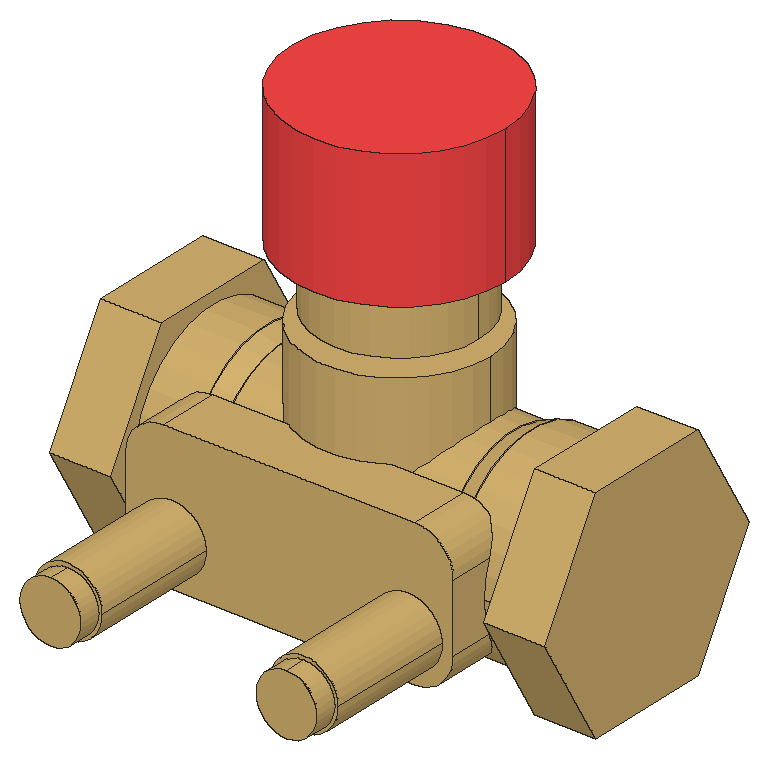
Revit family "ASV-I_DN15-DN40_Internal_RFA", category Pipe Accessories, Revit 2019
Family settings
  Round Connector Dimension = Use Diameter
  Part Type = Valve - Breaks Into
  Work Plane-Based = No
  Always vertical = Yes
  Cut with Voids When Loaded = No
  Shared = No
Parameters (values of type "ASV-I_DN15_Internal_003L7641")
  ang2D [instance] = 0.00°
  Z1__ve = -Z1  # -22 mm
  Z1 = 22 mm
  YP = 18 mm
  W_TP = 35 mm
  W2D = 15 mm
  Valve Body Material = Danfoss Brass
  Use Minimum Symbol Size [instance] = no
  URL = "https://store.danfoss.com/en/Climate-Solutions-for-heating/Hydronic-Balancing-and-Control/Differential-Pressure-Control/Partner-valves/c/7017?q=%3Arelevance%3Adanfoss_producttypehierarchydesc%3Acb10518c43166f5d59dc590725b553102e86dd0b%3Adanfoss_a50461501115_fts%3ATA5_1501120&text="
  TD = R_Connection * 2  # 26 mm
  R_Thread = 16.5 mm
  R_TP = 4.5 mm
  R_Body = 12 mm
  R_Valve = 12 mm
  R_Connection = 13 mm
  R_1 = 9.5 mm
  R1_TP = 4 mm
  R1_2 = 10.5 mm
  R1 = 14 mm
  R = 7.5 mm
  Pressure Drop [instance] = 0.0 Pa
  PH = 8 mm
  Nominal Pressure = "PN 16"  # constant formula
  NR = 16.7 mm
  NH__ve = -NH  # -8 mm
  NH = 8 mm
  Model Type = "ASV-I_DN15_Internal"
  Model = "003L7641"
  Min Medium Temperature = "-20 °C"  # constant formula
  Min Differential Pressure = "10 kPa"  # constant formula
  Max Medium Temperature = "120 °C"  # constant formula
  Max Differential Pressure = "150 kPa"  # constant formula
  Manufacturer = "Danfoss"  # constant formula
  MIN = 1.5 mm
  L_TP2 = 15.5 mm
  L_TP1 = 15.5 mm
  L_2 = 32.5 mm
  LP2 = 21.5 mm
  LP1 = 21.5 mm
  LOD 350 = not(LOD 200)  # yes
  LOD 200 = no
  LM_2 = 15 mm
  LM = 46.571 mm
  L3 = 2.429 mm
  L2__ve = -L2  # -8 mm
  L2D_Min = 30.48 mm
  L2D = 65 mm
  L2 = 8 mm
  L1__ve = -L1  # -8 mm
  L1 = 8 mm
  L = L_2 * 2  # 65 mm
  Kvs = 1.6 m³/h
  IfcExportType = "ASV-I"  # constant formula
  IfcExportAs = "IfcValveType"  # constant formula
  H_2 = 4.5 mm
  HTP = 3.5 mm
  HP2 = 9.5 mm
  HP1 = 9.5 mm
  HH__ve = -HH  # -18 mm
  HH = 18 mm
  H1 = 47.1 mm
  Flow [instance] = 0.0 m³/h
  Description = "Partner Valve for Automatic Balancing"  # constant formula
  D = 15 mm
  Connection = "Internal Thread"  # constant formula
  CenSd_NR_6 = NR * cos(30.00°)  # 14.463 mm
  AR = 5 mm
Types (5, lengths in mm): name | Z1__ve | Z1 | YP | W_TP | TD | R_Thread | R_Body | R_Valve | R_Connection | R1_2 | R1 | R | PH | NR | NH__ve | NH | Model Type | Model | MIN | L_TP2 | L_TP1 | L_2 | LP2 | LP1 | LM_2 | LM | L3 | L2__ve | L2 | L1__ve | L1 | L | Kvs | HTP | HP2 | HP1 | HH__ve | HH | H1 | D | CenSd_NR_6
  ASV-I_DN15_Internal_003L7641 | -22 | 22 | 18 | 35 | 26 | 16.5 | 12 | 12 | 13 | 10.5 | 14 | 7.5 | 8 | 16.7 | -8 | 8 | "ASV-I_DN15_Internal" | "003L7641" | 1.5 | 15.5 | 15.5 | 32.5 | 21.5 | 21.5 | 15 | 46.571 | 2.429 | -8 | 8 | -8 | 8 | 65 | 1.6 m³/h | 3.5 | 9.5 | 9.5 | -18 | 18 | 47.1 | 15 | 14.463
  ASV-I_DN20_Internal_003L7642 | -25 | 25 | 20 | 37 | 30 | 20.5 | 14.5 | 14.5 | 15 | 13 | 17.5 | 10 | 8 | 20.8 | -10 | 10 | "ASV-I_DN20_Internal" | "003L7642" | 2 | 16.5 | 14.5 | 37.5 | 22.5 | 21 | 18 | 35 | 2 | -10 | 10 | -10 | 10 | 75 | 2.5 m³/h | 3 | 9.5 | 9.5 | -22.5 | 22.5 | 58.75 | 20 | 18.013
  ASV-I_DN25_Internal_003L7643 | -30 | 30 | 23 | 40 | 38.4 | 26.5 | 18 | 18 | 19.2 | 17 | 22.5 | 11 | 8 | 27.1 | -13.5 | 13.5 | "ASV-I_DN25_Internal" | "003L7643" | 2 | 17.5 | 13.5 | 42.5 | 24 | 20 | 19 | 46.714 | 2 | -12 | 12 | -12 | 12 | 85 | 4.0 m³/h | 3 | 9.5 | 9.5 | -28.8 | 28.8 | 75.8 | 25 | 23.469
  ASV-I_DN32_Internal_003L7644 | -33 | 33 | 28.5 | 45 | 48 | 32.5 | 22 | 22 | 24 | 21.2 | 27.5 | 14 | 8 | 32.9 | -16 | 16 | "ASV-I_DN32_Internal" | "003L7644" | 7 | 18.5 | 12.5 | 47.5 | 28 | 22 | 20.5 | 47.857 | 2.143 | -12 | 12 | -15 | 15 | 95 | 6.3 m³/h | 3 | 9 | 9 | -36 | 36 | 98 | 32 | 28.492
  ASV-I_DN40_Internal_003L7645 | -35 | 35 | 33 | 49.5 | 54 | 36 | 22 | 25 | 27 | 21.2 | 27.5 | 14 | 11.5 | 36.4 | -15.5 | 15.5 | "ASV-I_DN40_Internal" | "003L7645" | 4 | 21 | 10 | 50 | 28 | 22 | 23 | 46.571 | 2.429 | -12 | 12 | -17 | 17 | 100 | 10.0 m³/h | 1 | 11 | 7 | -36 | 36 | 98.8 | 40 | 31.523
Reference planes
  plane 1 "Center (Front/Back)": y = 0
  plane 2 "XYPLANE": z = 0
  plane 3 "Center (Left/Right)": x = 0
  plane 4 "59": y = -18
  plane 5 "58": z = 9.5
  plane 6 "57": z = -9.5
  plane 7 "56": x = -21.5
  plane 8 "55": x = 21.5
  plane 9 "43": z = 19.6
  plane 10 "42": z = 21.1
  plane 11 "41": z = 29.1
  plane 12 "40": x = 17.429
  plane 13 "39": x = 15
  plane 14 "38": x = -17.429
  plane 15 "37": x = -15
  plane 16 "35": z = 47.1
  plane 17 "26": x = -32.5
  plane 18 "25": x = 32.5
  plane 19 "24": z = 0
  plane 20 "23": y = 0
  plane 21 "22": x = 0
  plane 22 "c1": x = 15.5
  plane 23 "c2": x = -15.5
  plane 24: z = -3.5
  plane 25 "WTP": y = -35
Forms (mm)
  Extrusion 1, solid, material "Danfoss Brass" <- "Valve Body Material", visible <- "LOD 350", detail levels fine
    sketch origin (-750, 0, 29.1) x (1, 0, 0) y (0, 1, 0)
      loop
        circle (750, 0) r 10.5
    from 0 to -8 <- "NH__ve"
  Extrusion 2, solid, material "Danfoss Brass" <- "Valve Body Material", visible <- "LOD 350", detail levels fine
    sketch origin (17.429, -750, 0) x (0, 1, 0) y (0, 0, 1)
      loop
        circle (750, 0) r 13
    from 0 to 8 <- "L2"
  Extrusion 3, solid, material "Danfoss Brass" <- "Valve Body Material", visible <- "LOD 350", detail levels fine
    sketch origin (-17.429, -750, 0) x (0, 1, 0) y (0, 0, 1)
      loop
        circle (750, 0) r 13
    from 0 to -8 <- "L2__ve"
  Extrusion 4, solid, material "Danfoss Brass" <- "Valve Body Material", detail levels fine
    sketch origin (750, -18, 0) x (-1, 0, 0) y (0, 0, 1)
      loop
        line (766.5, 9.5) -> (733.5, 9.5)
        arc (733.5, 9.5) -> (729.964, 8.036) -> (728.5, 4.5) r 5
        line (728.5, 4.5) -> (728.5, -4.5)
        arc (728.5, -4.5) -> (729.964, -8.036) -> (733.5, -9.5) r 5
        line (733.5, -9.5) -> (766.5, -9.5)
        arc (766.5, -9.5) -> (770.036, -8.036) -> (771.5, -4.5) r 5
        line (771.5, -4.5) -> (771.5, 4.5)
        arc (771.5, 4.5) -> (770.036, 8.036) -> (766.5, 9.5) r 5
    from 0 to 8 <- "PH"
  Extrusion 5, solid, material "Danfoss Plastic Red", detail levels fine
    sketch origin (-750, 0, 47.1) x (1, 0, 0) y (0, 1, 0)
      loop
        circle (750, 0) r 14
    from 0 to -18 <- "HH__ve"
  Blend 6, solid, material "Danfoss Brass" <- "Valve Body Material", visible <- "LOD 350", detail levels fine
    base sketch origin (-750, 0, 19.6) x (1, 0, 0) y (0, 1, 0)
      loop
        circle (750, 0) r 7.5
    top sketch origin (-750, 0, 19.6) x (1, 0, 0) y (0, 1, 0)
      loop
        circle (750, 0) r 7.5
    from 0 to 1.5
  Extrusion 7, solid, material "Danfoss Brass" <- "Valve Body Material", visible <- "LOD 350", detail levels fine
    sketch origin (-750, 0, 19.6) x (1, 0, 0) y (0, 1, 0)
      loop
        circle (750, 0) r 12
    from 0 to -22 <- "Z1__ve"
  Extrusion 8, solid, material "Danfoss Brass" <- "Valve Body Material", visible <- "LOD 350", detail levels fine
    sketch origin (32.5, -750, 0) x (0, 1, 0) y (0, 0, 1)
      loop
        line (766.7, 0) -> (758.35, 14.463) -> (741.65, 14.463) -> (733.3, 0) -> (741.65, -14.463) -> (758.35, -14.463) -> (766.7, 0)
    from 0 to -8 <- "L1__ve"
  Extrusion 9, solid, material "Danfoss Brass" <- "Valve Body Material", visible <- "LOD 350", detail levels fine
    sketch origin (-32.5, -750, 0) x (0, 1, 0) y (0, 0, 1)
      loop
        line (733.3, 0) -> (741.65, -14.463) -> (758.35, -14.463) -> (766.7, 0) -> (758.35, 14.463) -> (741.65, 14.463) -> (733.3, 0)
    from 0 to 8 <- "L1"
  Blend 10, solid, material "Danfoss Brass" <- "Valve Body Material", visible <- "LOD 350", detail levels fine
    base sketch origin (17.429, -750, 0) x (0, 1, 0) y (0, 0, 1)
      loop
        circle (750, 0) r 13
    top sketch origin (17.429, -750, 0) x (0, 1, 0) y (0, 0, 1)
      loop
        circle (750, 0) r 12
    from 0 to -2.429
  Blend 11, solid, material "Danfoss Brass" <- "Valve Body Material", visible <- "LOD 350", detail levels fine
    base sketch origin (-17.429, -750, 0) x (0, 1, 0) y (0, 0, 1)
      loop
        circle (750, 0) r 13
    top sketch origin (-17.429, -750, 0) x (0, 1, 0) y (0, 0, 1)
      loop
        circle (750, 0) r 12
    from 0 to 2.429
  Extrusion 12, solid, material "Danfoss Brass" <- "Valve Body Material", visible <- "LOD 350", detail levels fine
    sketch origin (-15, -750, 0) x (0, 1, 0) y (0, 0, 1)
      loop
        circle (750, 0) r 12
    from 0 to 30
  Extrusion 13, solid, material "Danfoss Brass" <- "Valve Body Material", visible <- "LOD 200", detail levels fine
    sketch origin (32.5, -750, 0) x (0, 1, 0) y (0, 0, 1)
      loop
        circle (750, 0) r 16.5
    from 0 to -8 <- "L1__ve"
  Extrusion 14, solid, material "Danfoss Brass" <- "Valve Body Material", visible <- "LOD 200", detail levels fine
    sketch origin (-32.5, -750, 0) x (0, 1, 0) y (0, 0, 1)
      loop
        circle (750, 0) r 16.5
    from 0 to 8 <- "L1"
  Extrusion 15, solid, material "Danfoss Brass" <- "Valve Body Material", visible <- "LOD 350", detail levels fine
    sketch origin (0, 0, 0) x (1, 0, 0) y (0, 0, 1)
      loop
        circle (-15.5, -3.5) r 4.5
      loop
        circle (15.5, -3.5) r 4.5
    from 0 to 35
  Extrusion 16, solid, material "Danfoss Brass" <- "Valve Body Material", visible <- "LOD 350", detail levels fine
    sketch origin (0, -35, 0) x (0, 0, 1) y (-1, 0, 0)
      loop
        circle (-3.5, 15.5) r 4
      loop
        circle (-3.5, -15.5) r 4
    from 0 to 2.833
  Extrusion 17, solid, material "Danfoss Brass" <- "Valve Body Material", visible <- "LOD 200", detail levels fine
    sketch origin (0, 0, 0) x (1, 0, 0) y (0, 1, 0)
      loop
        circle (0, 0) r 12
    from 0 to 29.1
  Extrusion 18, solid, material "Danfoss Brass" <- "Valve Body Material", visible <- "LOD 200", detail levels fine
    sketch origin (0, 0, 0) x (0, 1, 0) y (0, 0, 1)
      loop
        circle (0, 0) r 12
    from -24.5 to 24.5
  Extrusion 19, solid, material "Danfoss Brass" <- "Valve Body Material", visible <- "LOD 200", detail levels fine
    sketch origin (0, 0, 0) x (1, 0, 0) y (0, 0, 1)
      loop
        circle (-15.5, -3.5) r 4.5
      loop
        circle (15.5, -3.5) r 4.5
    from 0 to 37.833
Lines and regions (mm)
  reference lines, not visible
    curve 1: circle (2, 2, 0) r 1 normal (0, 0, 1)
  reference lines
    curve 2: line (32.5, 0, 0) -> (32.5, -3.375, 5.846)
    curve 3: line (32.5, 0, 0) -> (32.5, -6.75, 0)
    curve 4: line (32.5, 0, 0) -> (32.5, -3.375, -5.846)
    curve 5: line (-32.5, 0, 0) -> (-32.5, 3.375, 5.846)
    curve 6: line (-32.5, 0, 0) -> (-32.5, 6.75, 0)
    curve 7: line (-32.5, 0, 0) -> (-32.5, 3.375, -5.846)
Dimensions and locks
  plane 1 "Center (Front/Back)" to curve 1 = 2 mm
  "YP": plane 20 "23" to plane 4 "59"
  "LP1": plane 21 "22" to plane 7 "56"
  "LP2": plane 21 "22" to plane 8 "55"
  "MIN": plane 10 "42" to plane 9 "43"
  "NH": plane 11 "41" to plane 10 "42"
  "HH": plane 16 "35" to plane 11 "41"
  "L3": plane 13 "39" to plane 12 "40"
  "LM_2": plane 21 "22" to plane 13 "39"
  "L3": plane 15 "37" to plane 14 "38"
  "LM_2": plane 21 "22" to plane 15 "37"
  "H1": plane 19 "24" to plane 16 "35"
  "L_2": plane 21 "22" to plane 17 "26"
  "L_2": plane 21 "22" to plane 18 "25"
  locked: plane 2 "XYPLANE" to plane 19 "24"
  locked: plane 1 "Center (Front/Back)" to plane 20 "23"
  locked: plane 3 "Center (Left/Right)" to plane 21 "22"
  Extrusion 4 sketch curve to Extrusion 4 sketch curve = 0 mm  (x16)
  "CenSd_NR_6": curve 2 to Extrusion 8 sketch curve  (x2)
  "CenSd_NR_6": curve 3 to Extrusion 8 sketch curve  (x2)
  "CenSd_NR_6": curve 4 to Extrusion 8 sketch curve  (x2)
  Extrusion 8 sketch curve to Extrusion 8 sketch curve = 0 mm  (x12)
  "CenSd_NR_6": curve 5 to Extrusion 9 sketch curve  (x2)
  "CenSd_NR_6": curve 6 to Extrusion 9 sketch curve  (x2)
  "CenSd_NR_6": curve 7 to Extrusion 9 sketch curve  (x2)
  Extrusion 9 sketch curve to Extrusion 9 sketch curve = 0 mm  (x12)
  plane 18 "25" to plane 17 "26" = 65 mm
  "HTP": level to plane 24
  "W_TP": plane 1 "Center (Front/Back)" to plane 25 "WTP"
  "L_TP2": plane 22 "c1" to plane 3 "Center (Left/Right)"
  "L_TP1": plane 3 "Center (Left/Right)" to plane 23 "c2"
  "HP2": plane 5 "58" to level
  "HP1": level to plane 6 "57"
  "R1_2": radius of Extrusion 1 sketch curve
  "R_Connection": radius of Extrusion 2 sketch curve
  "R_Connection": radius of Extrusion 3 sketch curve
  "AR": radius of Extrusion 4 sketch curve  (x4)
  "R1": radius of Extrusion 5 sketch curve
  "R": radius of Blend 6 sketch curve  (x2)
  "R_Body": radius of Extrusion 7 sketch curve
  "R_Valve": radius of Blend 10 sketch curve
  "R_Connection": radius of Blend 10 sketch curve
  "R_Valve": radius of Blend 11 sketch curve
  "R_Connection": radius of Blend 11 sketch curve
  "R_Valve": radius of Extrusion 12 sketch curve
  "R_Thread": radius of Extrusion 13 sketch curve
  "R_Thread": radius of Extrusion 14 sketch curve
  "R_TP": radius of Extrusion 15 sketch curve  (x2)
  "R1_TP": radius of Extrusion 16 sketch curve  (x2)
  "R_Body": radius of Extrusion 17 sketch curve
  "R_Valve": radius of Extrusion 18 sketch curve
  "R_TP": radius of Extrusion 19 sketch curve  (x2)
  locked: curve 3 to curve 2 (angle 60.00°)
  locked: curve 4 to curve 3 (angle 60.00°)
  locked: curve 4 to curve 2 (angle 120.00°)
  locked: curve 6 to curve 5 (angle 60.00°)
  locked: curve 7 to curve 6 (angle 60.00°)
  locked: curve 7 to curve 5 (angle 120.00°)
  aligned and locked: level to plane 2 "XYPLANE"
  aligned and locked: plane 20 "23" to Extrusion 1 sketch curve
  aligned and locked: plane 21 "22" to Extrusion 1 sketch curve
  aligned and locked: plane 19 "24" to Extrusion 2 sketch curve
  aligned and locked: Extrusion 2 sketch curve to plane 20 "23"
  aligned and locked: plane 19 "24" to Extrusion 3 sketch curve
  aligned and locked: Extrusion 3 sketch curve to plane 20 "23"
  aligned and locked: plane 7 "56" to Extrusion 4 sketch curve
  aligned and locked: plane 6 "57" to Extrusion 4 sketch curve
  aligned and locked: Extrusion 4 sketch curve to plane 8 "55"
  aligned and locked: Extrusion 4 sketch curve to plane 5 "58"
  aligned and locked: plane 20 "23" to Extrusion 5 sketch curve
  aligned and locked: plane 21 "22" to Extrusion 5 sketch curve
  aligned and locked: plane 20 "23" to Blend 6 sketch curve  (x2)
  aligned and locked: plane 21 "22" to Blend 6 sketch curve  (x2)
  aligned and locked: plane 10 "42" to Blend 6
  aligned and locked: plane 20 "23" to Extrusion 7 sketch curve
  aligned and locked: plane 21 "22" to Extrusion 7 sketch curve
  aligned and locked: plane 19 "24" to curve 4
  aligned and locked: curve 4 to plane 20 "23"
  aligned and locked: plane 19 "24" to curve 7
  aligned and locked: curve 7 to plane 20 "23"
  aligned and locked: plane 19 "24" to Blend 10 sketch curve  (x2)
  aligned and locked: Blend 10 sketch curve to plane 20 "23"  (x2)
  aligned and locked: Blend 10 to plane 13 "39"
  aligned and locked: plane 19 "24" to Blend 11 sketch curve  (x2)
  aligned and locked: Blend 11 sketch curve to plane 20 "23"  (x2)
  aligned and locked: plane 15 "37" to Blend 11
  aligned and locked: plane 19 "24" to Extrusion 12 sketch curve
  aligned and locked: Extrusion 12 sketch curve to plane 20 "23"
  aligned and locked: plane 19 "24" to Extrusion 13 sketch curve
  aligned and locked: Extrusion 13 sketch curve to plane 20 "23"
  aligned and locked: plane 19 "24" to Extrusion 14 sketch curve
  aligned and locked: Extrusion 14 sketch curve to plane 20 "23"
  aligned and locked: Extrusion 12 to plane 13 "39"
  aligned and locked: plane 23 "c2" to Extrusion 15 sketch curve
  aligned and locked: plane 24 to Extrusion 15 sketch curve  (x2)
  aligned and locked: plane 22 "c1" to Extrusion 15 sketch curve
  aligned and locked: plane 25 "WTP" to Extrusion 15
  aligned and locked: plane 23 "c2" to Extrusion 16 sketch curve
  aligned and locked: plane 24 to Extrusion 16 sketch curve  (x2)
  aligned and locked: plane 22 "c1" to Extrusion 16 sketch curve
  aligned and locked: plane 1 "Center (Front/Back)" to Extrusion 17 sketch curve
  aligned and locked: plane 3 "Center (Left/Right)" to Extrusion 17 sketch curve
  aligned and locked: plane 11 "41" to Extrusion 17
  aligned and locked: plane 1 "Center (Front/Back)" to Extrusion 18 sketch curve
  aligned and locked: level to Extrusion 18 sketch curve
  aligned and locked: Extrusion 18 to Extrusion 13
  aligned and locked: Extrusion 18 to Extrusion 14
  aligned and locked: plane 3 "Center (Left/Right)" to nested 1
  aligned and locked: plane 1 "Center (Front/Back)" to nested 1
  aligned and locked: plane 23 "c2" to Extrusion 19 sketch curve
  aligned and locked: plane 24 to Extrusion 19 sketch curve  (x2)
  aligned and locked: plane 22 "c1" to Extrusion 19 sketch curve
  aligned and locked: Extrusion 19 to Extrusion 16
Automatic sketch dimensions
  plane 3 "Center (Left/Right)" to curve 1 = 2 mm
  Extrusion 19 sketch curve to plane 23 "c2" = 0 mm
  radius of curve 1 = 1 mm
Nested families
  nested 1: "Schematic_Manual balancing valve" at (0, 0, 0), type "Schematic_Manual balancing valve", detail levels coarse+medium
Connectors
  piping at (-32.5, 0, 0), diameter 15, driven by "D", driven by "Flow"
    settings: on Extrusion 14, index 1, connector inside diameter 609.6 mm, connector length 0 mm, flow factor 0, pipe flow 0.0 m³/h, pressure drop 0.0 Pa, fitting loss kfactor 0, connector angle 0.00°, fixture units 0, engagement length 0 mm, angle of deflection 0.00°, flow configuration 0, flow direction 0, fitting loss method 0, system type 29, joint type 0, gender type 0, connector reference index 2, connector utility 0, adjustable connector no, is connector primary yes, connector description ""
  piping at (32.5, 0, 0), diameter 15, driven by "D", driven by "Flow"
    settings: on Extrusion 13, index 2, connector inside diameter 609.6 mm, connector length 0 mm, flow factor 0, pipe flow 0.0 m³/h, pressure drop 0.0 Pa, fitting loss kfactor 0, connector angle 0.00°, fixture units 0, engagement length 0 mm, angle of deflection 0.00°, flow configuration 0, flow direction 0, fitting loss method 0, system type 29, joint type 0, gender type 0, connector reference index 1, connector utility 0, adjustable connector no, is connector primary no, connector description ""
Definition of nested family "Schematic_Manual balancing valve"
  Parameters (values of type "Schematic_Manual balancing valve")
    L = 65 mm
    H = 47.1 mm
    L1 = L / 2  # 32.5 mm
    D = 25.8 mm
  Reference planes
    plane 1 "Center (Front/Back)": y = 0
    plane 2: z = 0
    plane 3 "Center (Left/Right)": x = 0
    plane 4: y = 34.2
    plane 5: y = -12.9
    plane 6: x = -32.5
    plane 7: x = 32.5
    plane 8: y = 12.9
    plane 9: x = -16.25
    plane 10: x = 16.25
    plane 11: z = 12.9
    plane 12: z = -12.9
    plane 13: z = 34.2
  Lines and regions (mm)
    model lines
      curve 1: line (-32.5, 0, 12.9) -> (-32.5, 0, -12.9)
      curve 2: line (-32.5, 0, -12.9) -> (0, 0, 0)
      curve 3: line (0, 0, 0) -> (-32.5, 0, 12.9)
      curve 4: line (32.5, 0, 12.9) -> (0, 0, 0)
      curve 5: line (32.5, 0, -12.9) -> (0, 0, 0)
      curve 6: line (32.5, 0, -12.9) -> (32.5, 0, 12.9)
      curve 7: line (0, 0, 0) -> (0, 0, 34.2)
      curve 8: line (-16.25, 0, 34.2) -> (16.25, 0, 34.2)
      curve 9: line (-16.25, 0, -6.45) -> (-16.25, 0, -12.9)
      curve 10: line (16.25, 0, -6.45) -> (16.25, 0, -12.9)
    symbolic lines
      curve 11: line (-32.5, 12.9, 0) -> (-32.5, -12.9, 0)
      curve 12: line (-32.5, -12.9, 0) -> (0, 0, 0)
      curve 13: line (-32.5, 12.9, 0) -> (0, 0, 0)
      curve 14: line (32.5, 12.9, 0) -> (0, 0, 0)
      curve 15: line (32.5, -12.9, 0) -> (0, 0, 0)
      curve 16: line (32.5, -12.9, 0) -> (32.5, 12.9, 0)
      curve 17: line (0, 0, 0) -> (0, 34.2, 0)
      curve 18: line (-16.25, 34.2, 0) -> (16.25, 34.2, 0)
      curve 19: line (-16.25, -6.45, 0) -> (-16.25, -12.9, 0)
      curve 20: line (16.25, -6.45, 0) -> (16.25, -12.9, 0)
  Dimensions and locks
    "H": plane 5 to plane 4
    equal spacing: plane 6, plane 3 "Center (Left/Right)", plane 7
    equal spacing: plane 5, plane 1 "Center (Front/Back)", plane 8
    equal spacing: plane 9, plane 3 "Center (Left/Right)", plane 10
    equal spacing: plane 11, level, plane 12
    "H": plane 13 to plane 12
    "D": plane 5 to plane 8
    "L1": plane 9 to plane 10
    "D": plane 11 to plane 12
    "L": plane 6 to plane 7
    aligned and locked: level to plane 2
    aligned and locked: plane 7 to curve 6
  Automatic sketch dimensions
    curve 19 to plane 9 = 0 mm
    curve 18 to plane 9 = 0 mm
    plane 1 "Center (Front/Back)" to curve 13 = 0 mm
    curve 18 to plane 10 = 0 mm
    curve 20 to plane 10 = 0 mm
    plane 5 to curve 20 = 0 mm
    plane 8 to curve 13 = 0 mm
    curve 2 to plane 6 = 0 mm
    curve 9 to plane 9 = 0 mm
    curve 8 to plane 9 = 0 mm
    curve 3 to level = 0 mm
    curve 3 to plane 3 "Center (Left/Right)" = 0 mm
    curve 8 to plane 10 = 0 mm
    curve 10 to plane 10 = 0 mm
    curve 10 to plane 12 = 0 mm
    curve 1 to plane 12 = 0 mm
    curve 6 to plane 12 = 0 mm
    curve 9 to plane 12 = 0 mm
    curve 3 to plane 11 = 0 mm
    curve 4 to plane 11 = 0 mm
    curve 7 to plane 13 = 0 mm
    plane 5 to curve 11 = 0 mm
    curve 13 to plane 6 = 0 mm
    curve 13 to plane 3 "Center (Left/Right)" = 0 mm
    plane 8 to curve 14 = 0 mm
    plane 5 to curve 16 = 0 mm
    plane 4 to curve 18 = 0 mm
    curve 14 to plane 7 = 0 mm
    plane 5 to curve 19 = 0 mm
